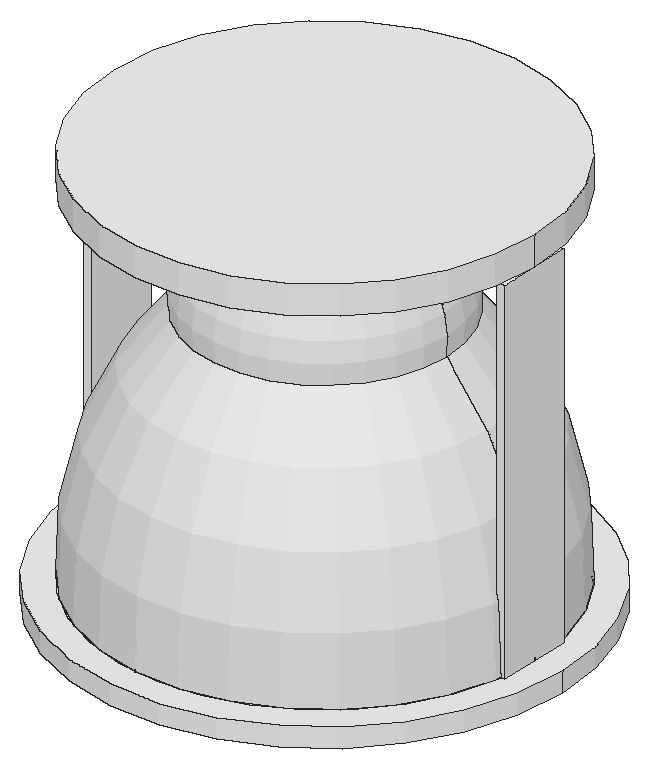
Revit family
Parameters (values of type "W300*H240")
  Wattage = 60 W
  built-in parameter 1150110 = 1 (stored number, unit not read)
  built-in parameter 1114217 = 1 (stored number, unit not read)
  built-in parameter 1150109 = 1 (stored number, unit not read)
  built-in parameter 1150134 = 4
  built-in parameter 1150113 = 1 (stored number, unit not read)
  Tilt Angle = 90.00°
  built-in parameter 1010507 = 1.5708 (stored number, unit not read)
  built-in parameter 1010506 = 0.5236 (stored number, unit not read)
  built-in parameter 1150115 = 1 (stored number, unit not read)
  built-in parameter 1150105 = 2407.4 (stored number, unit not read)
  Light Source Symbol Length = 3048 mm
  built-in parameter 1150137 = (empty or 0)
  built-in parameter 1150139 = (empty or 0)
  built-in parameter 1150112 = 1 (stored number, unit not read)
  built-in parameter 1150114 = 1 (stored number, unit not read)
  built-in parameter 1150132 = (empty or 0)
  built-in parameter 1150102 = (empty or 0)
  built-in parameter 1150138 = (empty or 0)
  built-in parameter 1150107 = 2800 (stored number, unit not read)
  built-in parameter 1150106 = 24.074 (stored number, unit not read)
  built-in parameter 1150104 = 1.1148 (stored number, unit not read)
  Dimming Lamp Color Temperature Shift = (empty or 0)
  Color Filter = 16777215
  built-in parameter 1114218 = 1 (stored number, unit not read)
  built-in parameter 1150133 = 10 (stored number, unit not read)
  Assembly Code = ""
  Manufacturer = ""
  Model = ""
  깊이 = 240 mm
  지름 = 300 mm
  Lamp = "A-19"
  Lumens = 720 lm
  Wattage Comments = "60"
  조명 재료 = 금속
  케이스 재료 = 흰색, 광택
Types (4, lengths in mm): name | 깊이 | 지름
  (no name) | 240 | 300
  W300*H270 | 270 | 300
  W300*H240 | 240 | 300
  W330*H270 | 270 | 330
Reference planes
  plane 1 "광원 축": y = 0
  plane 2 "천장": z = 2438.4
  plane 3 "광원 축": x = 0
  plane 4: x = 150
  plane 5: x = -150
  plane 6: z = 2678.4
  plane 7 "조명원 높이값": z = 2588.4
Forms (mm)
  Extrusion 1, solid, material "흰색, 광택" <- "케이스 재료"
    sketch origin (0, 0, 2625.7) x (1, 0, 0) y (0, 1, 0)
      loop
        circle (0, 0) r 132.5
    from 34.666 to 52.7
  Extrusion 2, solid, material "흰색, 광택" <- "케이스 재료"
    sketch origin (0, 0, 2438.4) x (1, 0, 0) y (0, 1, 0)
      loop
        circle (0, 0) r 150
      loop
        circle (0, 0) r 132.5
    from -12.177 to 0
  Extrusion 3, solid, material "흰색, 광택" <- "케이스 재료"
    sketch origin (0, 0, 0) x (0, 0, -1) y (1, 0, 0)
      loop
        line (-2438.4, 127.5) -> (-2438.4, 132.496) -> (-2660.366, 132.496) -> (-2660.366, 127.5) -> (-2438.4, 127.5)
    from -22.419 to 24.1
  Extrusion 4, solid, material "금속" <- "조명 재료"
    sketch origin (0, 0, 0) x (1, 0, 0) y (0, 1, 0)
      loop
        circle (0, 0) r 132.5
      loop
        circle (0, 0) r 127.5
    from 2426.223 to 2438.4
  Extrusion 5, solid, material "흰색, 광택" <- "케이스 재료"
    sketch origin (0, 0, 0) x (0, 0, -1) y (1, 0, 0)
      loop
        line (-2660.366, -127.5) -> (-2660.366, -132.503) -> (-2438.4, -132.503) -> (-2438.4, -127.5) -> (-2660.366, -127.5)
    from -22.419 to 24.1
  Revolve 6, solid, material "금속" <- "조명 재료"
    sketch origin (0, 0, 0) x (0, 0, -1) y (1, 0, 0)
      loop
        line (-2660.366, -16.02) -> (-2660.366, -26.2)
        arc (-2660.366, -26.2) -> (-2635.427, -65.608) -> (-2590.256, -77.207) r 63.242
        arc (-2590.256, -77.207) -> (-2520.177, -120.918) -> (-2438.4, -132.503) r 199.527
        line (-2438.4, -132.503) -> (-2438.4, -127.5)
        arc (-2438.4, -127.5) -> (-2519.37, -115.897) -> (-2588.411, -72.033) r 194.527
        arc (-2588.411, -72.033) -> (-2636.55, -59.649) -> (-2660.366, -16.02) r 62.397
      axis (-2660.366, 0) -> (-2438.4, 0)
    angle from 0 to 360
  Revolve 7, solid, material "금속" <- "조명 재료"
    sketch origin (0, 0, 0) x (0, 0, -1) y (1, 0, 0)
      loop
        line (-2588.411, 0) -> (-2593.59, 0)
        arc (-2593.59, 0) -> (-2536.651, -90.452) -> (-2438.4, -132.527) r 179.567
        line (-2438.4, -132.527) -> (-2438.4, -127.5)
        arc (-2438.4, -127.5) -> (-2533.094, -86.915) -> (-2588.411, 0) r 174.568
      axis (-2593.59, 0) -> (-2438.4, 0)
    angle from 0 to 360
Lines and regions (mm)
  Opening 1
    outline origin (0, 0, 2438.4) x (1, 0, 0) y (0, 1, 0)
      loop
        circle (0, 0) r 150
  sketch lines
    curve 1: line (-1524, 1524, 0) -> (1524, 1524, 0)
    curve 2: line (-1524, 1524, 0) -> (-1524, -1524, 0)
    curve 3: line (-1524, -1524, 0) -> (1524, -1524, 0)
    curve 4: line (1524, 1524, 0) -> (1524, -1524, 0)
  symbolic lines
    curve 5: arc (150, 0, 2438.4) -> (0, 150, 2438.4) -> (-150, 0, 2438.4) r 150
    curve 6: arc (-150, 0, 2438.4) -> (0, -150, 2438.4) -> (150, 0, 2438.4) r 150
    curve 7: line (-150, -76.2, 0) -> (0, -161.988, 0)
    curve 8: line (150, -76.2, 0) -> (0, -161.988, 0)
Dimensions and locks
  equal spacing: curve 2, plane 3 "광원 축", curve 4
  equal spacing: curve 3, plane 1 "광원 축", curve 1
  curve 2 to curve 4 = 3048 mm
  curve 3 to curve 1 = 3048 mm
  equal spacing: plane 5, plane 3 "광원 축", plane 4
  "지름": plane 5 to plane 4
  "깊이": plane 6 to plane 2 "천장"
  locked: plane 7 "조명원 높이값" to plane 2 "천장" at 150
  locked: Extrusion 1 to Extrusion 1 at 18.034
  locked: Extrusion 2 to Extrusion 2 at 12.177
  aligned and locked: Extrusion 1 to plane 6
  aligned and locked: Extrusion 3 sketch curve to Extrusion 1
  aligned and locked: Extrusion 2 sketch curve to curve 6
  aligned and locked: plane 2 "천장" to Extrusion 2
  aligned and locked: Extrusion 3 to plane 2 "천장"
  aligned and locked: plane 2 "천장" to Extrusion 4
  aligned and locked: Extrusion 2 to Extrusion 4
  aligned and locked: Extrusion 1 sketch curve to Extrusion 4
  aligned and locked: Extrusion 5 sketch curve to Extrusion 1
  aligned and locked: Extrusion 5 sketch curve to plane 2 "천장"
  aligned and locked: Extrusion 3 to Extrusion 5
  aligned and locked: Extrusion 5 to Extrusion 3
  aligned and locked: Revolve 6 sketch curve to Extrusion 1
  aligned and locked: Revolve 6 to Revolve 7 sketch curve
  aligned and locked: Extrusion 4 to Revolve 7 sketch curve
  aligned and locked: Revolve 7 sketch curve to plane 3 "광원 축"
  aligned and locked: Extrusion 2 to Revolve 6 sketch curve
  aligned and locked: Revolve 6 sketch curve to Revolve 6 sketch curve
  aligned and locked: Extrusion 2 to Revolve 7 sketch curve
  aligned and locked: Revolve 6 sketch curve to Extrusion 5
  aligned and locked: Extrusion 5 to Revolve 6 sketch curve
  aligned and locked: imposter light to plane 3 "광원 축"
  aligned and locked: plane 1 "광원 축" to imposter light
  aligned and locked: plane 7 "조명원 높이값" to imposter light
Automatic sketch dimensions
  Opening 1 sketch curve to plane 1 "광원 축" = 0 mm
  Opening 1 sketch curve to plane 5 = 0 mm
  Opening 1 sketch curve to plane 3 "광원 축" = 0 mm  (x2)
  curve 6 to plane 1 "광원 축" = 0 mm
  curve 6 to plane 5 = 0 mm
  curve 7 to plane 5 = 0 mm
  curve 8 to plane 3 "광원 축" = 0 mm
  curve 5 to plane 3 "광원 축" = 0 mm
  curve 8 to plane 4 = 0 mm
  curve 8 to curve 5 = 76.2 mm
  plane 1 "광원 축" to curve 7 = 76.2 mm
  curve 8 to curve 8 = 85.788 mm
  Extrusion 2 sketch curve to plane 1 "광원 축" = 0 mm
  Extrusion 2 sketch curve to plane 3 "광원 축" = 0 mm
  Extrusion 2 sketch curve to Extrusion 2 sketch curve = 17.5 mm
  Extrusion 4 sketch curve to plane 1 "광원 축" = 0 mm  (x2)
  Extrusion 4 sketch curve to plane 3 "광원 축" = 0 mm  (x2)
  Extrusion 4 sketch curve to plane 5 = 22.5 mm
  Extrusion 4 sketch curve to Extrusion 4 sketch curve = 5 mm
  Extrusion 3 sketch curve to plane 2 "천장" = 0 mm
  plane 4 to Extrusion 3 sketch curve = 22.5 mm
  Extrusion 3 sketch curve to Extrusion 3 sketch curve = 4.996 mm
  Extrusion 5 sketch curve to plane 5 = 17.497 mm
  Extrusion 5 sketch curve to Extrusion 5 sketch curve = 5.003 mm
  Revolve 6 sketch curve to plane 3 "광원 축" = 0 mm
  Revolve 6 sketch curve to plane 6 = 85 mm
  Revolve 6 sketch curve to plane 7 "조명원 높이값" = 9.821 mm
  Revolve 6 sketch curve to Revolve 6 sketch curve = 0 mm  (x2)
  Revolve 6 sketch curve to plane 7 "조명원 높이값" = 1.856 mm
  plane 2 "천장" to Revolve 6 sketch curve = 13.507 mm
  Revolve 6 sketch curve to plane 2 "천장" = 110 mm
  Revolve 6 sketch curve to plane 3 "광원 축" = 16.02 mm
  Revolve 6 sketch curve to Revolve 6 sketch curve = 10.18 mm
  Revolve 6 sketch curve to plane 3 "광원 축" = 72.033 mm
  Revolve 6 sketch curve to Revolve 6 sketch curve = 5.173 mm
  Revolve 7 sketch curve to plane 3 "광원 축" = 0 mm
  Revolve 7 sketch curve to Revolve 7 sketch curve = 5.179 mm
  Revolve 7 sketch curve to Revolve 7 sketch curve = 34.821 mm
  Revolve 7 sketch curve to plane 2 "천장" = 18.36 mm
  Revolve 7 sketch curve to Revolve 7 sketch curve = 0 mm
  Revolve 7 sketch curve to Revolve 7 sketch curve = 51.64 mm
  Revolve 7 sketch curve to plane 5 = 22.5 mm
  Revolve 7 sketch curve to Revolve 7 sketch curve = 5.027 mm
  Revolve 6 sketch curve to plane 7 "조명원 높이값" = 0.011 mm
